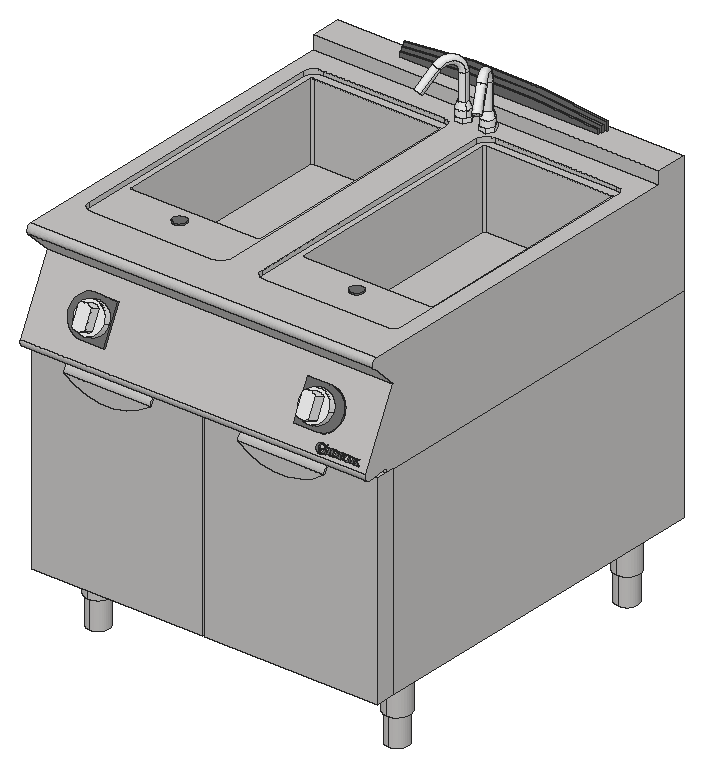
Revit family "QF_GIORIK_CPE946", category Specialty Equipment, Revit 2014
Parameters (values of type "CPE946")
  Weight in Pounds = 220.462
  Watts = 18000 W
  Waste Water Discharge Temperature [instance] = 0 °C
  Volts = 400 V
  URL Cutsheet = "www.giorik.com"
  URL = "www.giorik.com"
  Status [instance] = ""
  Specification by User [instance] = ""
  Specification by Manufacturer = ""
  Show Logo [instance] = yes
  Show Clearance [instance] = yes
  Serial Number = ""
  Seismic Rating = ""
  SMACNA No = ""
  Revision Code [instance] = ""
  Plumbing Remarks [instance] = ""
  Plumbing Connection Type [instance] = ""
  Phase = 3
  Number of Poles [instance] = 3
  NAFEM Spec ID Number = ""
  Model = "CPE946"
  Min Ckt Ampacity = 0 A
  Max Overcurrent Protection = 0 A
  Masterspec = ""
  Manufacturer = "GIORIK"
  Item Number [instance] = ""
  Installed By [instance] = ""
  Indirect Waste Size = 1"
  Indirect Waste Flow = 0.0 L/s
  Indirect Waste Connection Type [instance] = ""
  Indirect Waste Connection Height [instance] = 150 mm
  Identify Quantity as Lot [instance] = no
  HP = "24.138360000000"
  Furnished By [instance] = ""
  Foodservice Equipment Identifier [instance] = yes
  FL Amps = 0 A
  Electrical Remarks [instance] = ""
  Electric Connection Type [instance] = ""
  Elec Conn RI Height [instance] = 0 mm
  Elec Conn Connection Height [instance] = 150 mm
  Description = "40+40 LITRE TWIN TANK ELECTRIC PASTA COOKER."
  Cycle = 50 Hz
  Conn Plug = ""
  Conn Conduit [instance] = no
  Cold Water Temperature Recommended = 0 °C
  Cold Water Size = 1/2"
  Cold Water RI Height [instance] = 150 mm
  Cold Water Minimum Pressure = 20000.0 Pa
  Cold Water Maximum Pressure = 50000.0 Pa
  Cold Water Flow [instance] = 0.0 L/s
  Cold Water Consumption [instance] = ""
  Cold Water Connection Height [instance] = 150 mm
  CSI MasterFormat = ""
  Assembly Code = "E1090320"
  Apparent Power = 18000 VA
Reference planes
  plane 1 "Back": y = 0
  plane 2: z = 0
  plane 3 "Left": x = 0
  plane 4 "Right": x = 800
  plane 5 "Front": y = -920
  plane 6 "Top": z = 900
Forms (mm)
  Extrusion 1, solid, visible <- "Show Logo"
    sketch origin (586.604, -935.76, 608.978) x (-1, 0, 0) y (0, 0.452718, 0.891654)
      loop
        line (-118.824, 58.358) -> (-127.804, 58.358) -> (-125.523, 56.445) -> (-125.523, 48.027) -> (-127.804, 46.113) -> (-118.824, 46.113) -> (-121.105, 48.027) -> (-121.105, 56.445) -> (-118.824, 58.358)
      loop
        line (-163.721, 58.358) -> (-172.7, 58.358) -> (-170.42, 56.445) -> (-170.42, 48.027) -> (-172.7, 46.113) -> (-163.721, 46.113) -> (-166.001, 48.027) -> (-166.001, 56.445) -> (-163.721, 58.358)
      loop
        line (-174.332, 58.358) -> (-183.312, 58.358) -> (-181.031, 56.445) -> (-181.031, 52.435) -> (-186.419, 56.955) -> (-184.416, 58.358) -> (-191.268, 58.358) -> (-188.01, 56.839) -> (-185.455, 54.283) -> (-190.846, 47.858) -> (-193.396, 46.93) -> (-193.396, 46.113) -> (-184.416, 46.113) -> (-185.437, 47.571) -> (-182.443, 51.552) -> (-181.031, 50.894) -> (-181.031, 48.027) -> (-183.312, 46.113) -> (-174.332, 46.113) -> (-176.613, 48.027) -> (-176.613, 56.445) -> (-174.332, 58.358)
      loop
        line (-115.429, 62.063) -> (-115.429, 54.198)
        arc (-115.429, 54.198) -> (-111.618, 57.803) -> (-106.847, 59.986) r 16.039
        arc (-106.847, 59.986) -> (-103.314, 59.837) -> (-100.512, 57.68) r 5.851
        arc (-100.512, 57.68) -> (-98.815, 52.267) -> (-100.512, 46.853) r 9.479
        arc (-100.512, 46.853) -> (-102.406, 44.986) -> (-104.846, 43.93) r 7.236
        arc (-104.846, 43.93) -> (-107.728, 44.111) -> (-110.052, 45.825) r 5.11
        line (-110.052, 45.825) -> (-110.052, 52.001) -> (-116.141, 52.001) -> (-116.141, 45.503) -> (-117.893, 43.751) -> (-114.094, 44.769)
        arc (-114.094, 44.769) -> (-112.56, 44.947) -> (-111.129, 44.366) r 3.115
        arc (-111.129, 44.366) -> (-104.216, 42.091) -> (-97.303, 44.366) r 11.641
        arc (-97.303, 44.366) -> (-93.396, 52.107) -> (-97.303, 59.849) r 9.622
        arc (-97.303, 59.849) -> (-104.369, 62.174) -> (-111.435, 59.849) r 11.898
        line (-111.435, 59.849) -> (-115.429, 62.063)
      loop
        arc (-129.234, 56.068) -> (-135.893, 58.628) -> (-142.552, 56.068) r 9.941
        arc (-142.552, 56.068) -> (-144.234, 52.286) -> (-142.552, 48.505) r 5.093
        arc (-142.552, 48.505) -> (-135.893, 45.945) -> (-129.234, 48.505) r 9.941
        arc (-129.234, 48.505) -> (-127.552, 52.286) -> (-129.234, 56.068) r 5.093
      loop
        arc (-132.628, 54.403) -> (-135.893, 57.668) -> (-139.158, 54.403) r 3.265
        line (-139.158, 54.403) -> (-139.158, 50.169)
        arc (-139.158, 50.169) -> (-135.893, 46.904) -> (-132.628, 50.169) r 3.265
        line (-132.628, 50.169) -> (-132.628, 54.403)
      loop
        arc (-156.363, 58.365) -> (-159.647, 55.081) -> (-156.363, 51.796) r 3.285
        line (-156.363, 51.796) -> (-159.529, 47.306) -> (-162.087, 46.113) -> (-155.847, 46.113) -> (-153.529, 51.083) -> (-150.637, 51.083) -> (-150.637, 47.784) -> (-153.022, 46.113) -> (-144.011, 46.113) -> (-146.094, 47.68) -> (-146.094, 56.493) -> (-144.229, 58.365) -> (-156.363, 58.365)
      loop
        line (-150.637, 57.512) -> (-153.637, 57.512)
        arc (-153.637, 57.512) -> (-156.237, 54.912) -> (-153.637, 52.312) r 2.6
        line (-153.637, 52.312) -> (-150.637, 52.312) -> (-150.637, 57.512)
      loop
        line (-108.924, 52.001) -> (-104.936, 49.005) -> (-100.948, 52.001) -> (-108.924, 52.001)
    from 1.5 to -0.5
  Extrusion 2, solid
    sketch origin (-16, 1025.81, 0) x (1, 0, 0) y (0, 1, 0)
      loop
        line (25, -1086.81) -> (25, -1156.81) -> (115, -1156.81) -> (115, -1086.81) -> (25, -1086.81)
    from 148 to 150
  Extrusion 3, solid
    sketch origin (35, -65, 130) x (1, 0, 0) y (0, 1, 0)
      loop
        circle (54, -385) r 12.5
    from 0 to 20
  Extrusion 4, solid
    sketch origin (0, 800, -20) x (0, 1, 0) y (0, 0, 1)
      loop
        line (-800, 919.988) -> (-870, 919.988) -> (-870, 889.988) -> (-1688.669, 889.988)
        arc (-1688.669, 889.988) -> (-1699.014, 883.075) -> (-1696.586, 870.873) r 11.197
        line (-1696.586, 870.873) -> (-1640.738, 815.025) -> (-1718.81, 661.258)
        arc (-1718.81, 661.258) -> (-1718.095, 650.105) -> (-1707.98, 645.354) r 10.981
        line (-1707.98, 645.354) -> (-1659.862, 649.925) -> (-1659.862, 640) -> (-800, 640) -> (-800, 919.988)
    from 0 to 800
  Extrusion 5, solid
    sketch origin (0, -200, 599.536) x (1, 0, 0) y (0, 1, 0)
      loop
        line (0, -640) -> (40, -640) -> (40, 160) -> (760, 160) -> (760, -640) -> (800, -640) -> (800, 200) -> (0, 200) -> (0, -640)
    from -449.536 to 20.464
  Extrusion 6, solid
    sketch origin (0, -200, 0) x (1, 0, 0) y (0, 1, 0)
      loop
        line (40, 160) -> (40, -640) -> (760, -640) -> (760, 160) -> (40, 160)
    from 150 to 190
  Extrusion 7, solid
    sketch origin (-16, 360.81, 0) x (1, 0, 0) y (0, 1, 0)
      loop
        line (25, -1086.81) -> (25, -1156.81) -> (115, -1156.81) -> (115, -1086.81) -> (25, -1086.81)
    from 148 to 150
  Revolve 8, solid
    sketch origin (54, 360.81, 0) x (0, 1, 0) y (0, 0, 1)
      loop
        line (-1092.56, 66) -> (-1092.56, 148) -> (-1121.81, 148) -> (-1121.81, 0) -> (-1096.81, 0) -> (-1096.81, 66) -> (-1092.56, 66)
      axis (-1121.81, 0) -> (-1121.81, 148)
    angle from 0 to 360
  Revolve 9, solid
    sketch origin (54, 1025.81, 0) x (0, 1, 0) y (0, 0, 1)
      loop
        line (-1092.56, 66) -> (-1092.56, 148) -> (-1121.81, 148) -> (-1121.81, 0) -> (-1096.81, 0) -> (-1096.81, 66) -> (-1092.56, 66)
      axis (-1121.81, 0) -> (-1121.81, 148)
    angle from 0 to 360
  Extrusion 10, solid
    sketch origin (816, 360.81, 0) x (-1, 0, 0) y (0, -1, 0)
      loop
        line (25, 1086.81) -> (115, 1086.81) -> (115, 1156.81) -> (25, 1156.81) -> (25, 1086.81)
    from 148 to 150
  Revolve 11, solid
    sketch origin (746, 360.81, 0) x (0, 1, 0) y (0, 0, -1)
      loop
        line (-1092.56, -66) -> (-1096.81, -66) -> (-1096.81, 0) -> (-1121.81, 0) -> (-1121.81, -148) -> (-1092.56, -148) -> (-1092.56, -66)
      axis (-1121.81, 0) -> (-1121.81, -148)
    angle from 0 to 360
  Extrusion 12, solid
    sketch origin (816, -1217.81, 0) x (-1, 0, 0) y (0, -1, 0)
      loop
        line (25, -1086.81) -> (25, -1156.81) -> (115, -1156.81) -> (115, -1086.81) -> (25, -1086.81)
    from 148 to 150
  Revolve 13, solid
    sketch origin (746, -1217.81, 0) x (0, -1, 0) y (0, 0, 1)
      loop
        line (-1092.56, 66) -> (-1092.56, 148) -> (-1121.81, 148) -> (-1121.81, 0) -> (-1096.81, 0) -> (-1096.81, 66) -> (-1092.56, 66)
      axis (-1121.81, 0) -> (-1121.81, 148)
    angle from 0 to 360
  Extrusion 14, solid
    sketch origin (-283.221, -1163.345, 52.363) x (1, 0, 0) y (0, 0.452718, 0.891654)
      loop
        line (463.221, 676.25) -> (463.221, 766.25) -> (409.698, 766.25)
        arc (409.698, 766.25) -> (364.698, 721.25) -> (409.698, 676.25) r 45
        line (409.698, 676.25) -> (463.221, 676.25)
    from 48 to 50
  Extrusion 15, solid
    sketch origin (491.331, -1208.697, 74.959) x (-1, 0, 0) y (0, -0.45351, -0.891251)
      loop
        circle (351.331, -721.346) r 35
    from 0 to 15
  Extrusion 16, solid
    sketch origin (491.331, -1208.697, 74.959) x (-1, 0, 0) y (0, -0.45351, -0.891251)
      loop
        arc (336.331, -743.846) -> (351.331, -748.846) -> (366.331, -743.846) r 25
        line (366.331, -743.846) -> (366.331, -698.846)
        arc (366.331, -698.846) -> (351.331, -693.846) -> (336.331, -698.846) r 25
        line (336.331, -698.846) -> (336.331, -743.846)
    from 15 to 40
  Extrusion 17, void
    sketch origin (0, -200, 819.988) x (0, 1, 0) y (-1, 0, 0)
      loop
        arc (80, -60) -> (72.678, -42.322) -> (55, -35) r 25
        line (55, -35) -> (-565.002, -35)
        arc (-565.002, -35) -> (-582.68, -42.322) -> (-590.002, -60) r 25
        line (-590.002, -60) -> (-590.002, -340)
        arc (-590.002, -340) -> (-582.68, -357.678) -> (-565.002, -365) r 25
        line (-565.002, -365) -> (55, -365)
        arc (55, -365) -> (72.678, -357.678) -> (80, -340) r 25
        line (80, -340) -> (80, -60)
    from -137.243 to 50
  Extrusion 18, solid
    sketch origin (-224, -316, 100) x (0, 1, 0) y (-1, 0, 0)
      loop
        circle (-54, -313) r 6.35
    from 30 to 50
  Extrusion 19, solid
    sketch origin (136, -286, 100) x (0, 1, 0) y (-1, 0, 0)
      loop
        circle (-129, -162) r 12.7
    from 30 to 50
  Extrusion 20, solid
    sketch origin (0, -200, 809.988) x (0, 1, 0) y (-1, 0, 0)
      loop
        line (60, -345) -> (60, -55)
        arc (60, -55) -> (58.536, -51.464) -> (55, -50) r 5
        line (55, -50) -> (-460.364, -50)
        arc (-460.364, -50) -> (-463.899, -51.464) -> (-465.364, -55) r 5
        line (-465.364, -55) -> (-465.364, -345)
        arc (-465.364, -345) -> (-463.899, -348.536) -> (-460.364, -350) r 5
        line (-460.364, -350) -> (55, -350)
        arc (55, -350) -> (58.536, -348.536) -> (60, -345) r 5
      loop
        arc (73.67, -368.87) -> (80.741, -365.941) -> (83.67, -358.87) r 10
        line (83.67, -358.87) -> (83.67, -40.28)
        arc (83.67, -40.28) -> (80.741, -33.209) -> (73.67, -30.28) r 10
        line (73.67, -30.28) -> (-586, -30.28)
        arc (-586, -30.28) -> (-593.071, -33.209) -> (-596, -40.28) r 10
        line (-596, -40.28) -> (-596, -358.87)
        arc (-596, -358.87) -> (-593.071, -365.941) -> (-586, -368.87) r 10
        line (-586, -368.87) -> (73.67, -368.87)
    from -136.122 to 50
  Extrusion 21, solid
    sketch origin (-4.529, -225.827, 861.988) x (0, 1, 0) y (-1, 0, 0)
      loop
        circle (-476.382, -199.529) r 15
    from -2 to 0
  Extrusion 22, solid
    sketch origin (1083.221, -1163.345, 52.363) x (-1, 0, 0) y (0, -0.452718, -0.891654)
      loop
        line (463.221, -676.25) -> (409.698, -676.25)
        arc (409.698, -676.25) -> (364.698, -721.25) -> (409.698, -766.25) r 45
        line (409.698, -766.25) -> (463.221, -766.25) -> (463.221, -676.25)
    from 48 to 50
  Extrusion 23, solid
    sketch origin (308.669, -1208.697, 74.959) x (1, 0, 0) y (0, 0.45351, 0.891251)
      loop
        circle (351.331, 721.346) r 35
    from 0 to 15
  Extrusion 24, solid
    sketch origin (308.669, -1208.697, 74.959) x (1, 0, 0) y (0, 0.45351, 0.891251)
      loop
        line (336.331, 743.846) -> (336.331, 698.846)
        arc (336.331, 698.846) -> (351.331, 693.846) -> (366.331, 698.846) r 25
        line (366.331, 698.846) -> (366.331, 743.846)
        arc (366.331, 743.846) -> (351.331, 748.846) -> (336.331, 743.846) r 25
    from 15 to 40
  Extrusion 25, solid
    sketch origin (800, -200, 809.988) x (0, 1, 0) y (-1, 0, 0)
      loop
        arc (60, 345) -> (58.536, 348.536) -> (55, 350) r 5
        line (55, 350) -> (-460.364, 350)
        arc (-460.364, 350) -> (-463.899, 348.536) -> (-465.364, 345) r 5
        line (-465.364, 345) -> (-465.364, 55)
        arc (-465.364, 55) -> (-463.899, 51.464) -> (-460.364, 50) r 5
        line (-460.364, 50) -> (55, 50)
        arc (55, 50) -> (58.536, 51.464) -> (60, 55) r 5
        line (60, 55) -> (60, 345)
      loop
        line (73.67, 368.87) -> (-586, 368.87)
        arc (-586, 368.87) -> (-593.071, 365.941) -> (-596, 358.87) r 10
        line (-596, 358.87) -> (-596, 40.28)
        arc (-596, 40.28) -> (-593.071, 33.209) -> (-586, 30.28) r 10
        line (-586, 30.28) -> (73.67, 30.28)
        arc (73.67, 30.28) -> (80.741, 33.209) -> (83.67, 40.28) r 10
        line (83.67, 40.28) -> (83.67, 358.87)
        arc (83.67, 358.87) -> (80.741, 365.941) -> (73.67, 368.87) r 10
    from -136.122 to 50
  Extrusion 26, solid
    sketch origin (804.529, -225.827, 861.988) x (0, 1, 0) y (-1, 0, 0)
      loop
        circle (-476.382, 199.529) r 15
    from -2 to 0
  Extrusion 27, solid
    sketch origin (36.031, 0, -10.001) x (1, 0, 0) y (0, 0, 1)
      loop
        line (135, 909.989) -> (592.969, 909.989) -> (592.969, 919.989) -> (440.969, 929.989) -> (287, 929.989) -> (135, 919.989) -> (135, 909.989)
    from 32 to 35
  Extrusion 28, solid
    sketch origin (38, 10, -10.001) x (1, 0, 0) y (0, 0, 1)
      loop
        line (594, 909.989) -> (594, 924.989) -> (440, 937.489) -> (284, 937.489) -> (130, 925.001) -> (130, 909.989) -> (594, 909.989)
    from 32 to 35
  Extrusion 29, solid
    sketch origin (40, 20, -10.001) x (1, 0, 0) y (0, 0, 1)
      loop
        line (595, 909.989) -> (595, 930.001) -> (439, 945.258) -> (281, 945.258) -> (125, 929.989) -> (125, 909.989) -> (595, 909.989)
    from 32 to 35
  Extrusion 30, solid
    sketch origin (0, -925, 0) x (1, 0, 0) y (0, 0, 1)
      loop
        line (0, 620) -> (0, 150) -> (395, 150) -> (395, 620) -> (0, 620)
      loop
        line (400, 150) -> (800, 150) -> (800, 620) -> (400, 620) -> (400, 150)
    from -85 to -40
  Extrusion 31, solid
    sketch origin (0, -925, -20.1) x (0, 1, 0) y (0, 0, 1)
      loop
        arc (25, 640.1) -> (14.393, 635.707) -> (10, 625.1) r 15
        line (10, 625.1) -> (12, 625.1)
        arc (12, 625.1) -> (15.808, 634.292) -> (25, 638.1) r 13
        line (25, 638.1) -> (40, 638.1) -> (40, 640.1) -> (25, 640.1)
    from 97.5 to 297.5
  Extrusion 32, solid
    sketch origin (0, -924.905, -20.1) x (1, 0, 0) y (0, 0, 1)
      loop
        arc (97.5, 625.1) -> (197.5, 590.089) -> (297.5, 625.1) r 160.316
        line (297.5, 625.1) -> (97.5, 625.1)
    from -11.905 to -9.905
  Extrusion 33, solid
    sketch origin (402.5, -925, -20.1) x (0, 1, 0) y (0, 0, 1)
      loop
        arc (25, 640.1) -> (14.393, 635.707) -> (10, 625.1) r 15
        line (10, 625.1) -> (12, 625.1)
        arc (12, 625.1) -> (15.808, 634.292) -> (25, 638.1) r 13
        line (25, 638.1) -> (40, 638.1) -> (40, 640.1) -> (25, 640.1)
    from 97.5 to 297.5
  Extrusion 34, solid
    sketch origin (402.5, -924.905, -20.1) x (1, 0, 0) y (0, 0, 1)
      loop
        arc (97.5, 625.1) -> (197.5, 590.089) -> (297.5, 625.1) r 160.316
        line (297.5, 625.1) -> (97.5, 625.1)
    from -11.905 to -9.905
  Extrusion 35, solid, visible <- "Show Clearance", detail levels coarse
    sketch origin (0, -925, 0) x (1, 0, 0) y (0, 1, 0)
      loop
        line (0, 40) -> (0, -355)
        arc (0, -355) -> (279.307, -239.307) -> (395, 40) r 395
        line (395, 40) -> (0, 40)
      loop
        line (800, 40) -> (399.495, 40)
        arc (399.495, 40) -> (517.141, -241.247) -> (800, -354.962) r 395
        line (800, -354.962) -> (800, 40)
    from 150 to 620
  Extrusion 36, void
    sketch origin (400, -200, 819.988) x (0, 1, 0) y (-1, 0, 0)
      loop
        arc (80, -60) -> (72.678, -42.322) -> (55, -35) r 25
        line (55, -35) -> (-565.002, -35)
        arc (-565.002, -35) -> (-582.68, -42.322) -> (-590.002, -60) r 25
        line (-590.002, -60) -> (-590.002, -340)
        arc (-590.002, -340) -> (-582.68, -357.678) -> (-565.002, -365) r 25
        line (-565.002, -365) -> (55, -365)
        arc (55, -365) -> (72.678, -357.678) -> (80, -340) r 25
        line (80, -340) -> (80, -60)
    from -137.243 to 50
  Extrusion 37, solid
    sketch origin (536, -286, 100) x (0, 1, 0) y (-1, 0, 0)
      loop
        circle (-129, -162) r 12.7
    from 30 to 50
  Revolve 38, solid
    sketch origin (-198.943, 176.912, -15.012) x (0.898794, -0.438371, 0) y (0, 0, 1)
      loop
        line (635, 895) -> (650, 895) -> (650, 910) -> (645, 925) -> (635, 925) -> (635, 895)
      axis (635, 925) -> (635, 895)
    angle from 0 to 360
  Sweep 39, solid
    path origin (475.686, 111.56, -15.012) x (0.438371, 0.898794, 0) y (0, 0, 1)
      loop
        line (-237, 925) -> (-237, 986.382)
        arc (-237, 986.382) -> (-256.494, 1014.482) -> (-289.641, 1006.064) r 30
        line (-289.641, 1006.064) -> (-326.852, 963.258)
    profile origin (371.792, -101.454, 940.679) x (-0.438371, -0.898794, 0) y (0.898794, -0.438371, 0)
      loop
        circle (0, 0) r 9
  Extrusion 40, solid
    sketch origin (-678.408, 1017.72, 884.988) x (-0.779686, 0.626171, 0) y (-0.626171, -0.779686, 0)
      loop
        line (-1502.427, 209.668) -> (-1506.406, 227.223) -> (-1523.598, 232.555) -> (-1536.811, 220.332) -> (-1532.833, 202.777) -> (-1515.641, 197.445) -> (-1502.427, 209.668)
    from -15 to -5
  Revolve 41, solid
    sketch origin (998.943, 176.912, -15.012) x (-0.898794, -0.438371, 0) y (0, 0, -1)
      loop
        line (635, -895) -> (635, -925) -> (645, -925) -> (650, -910) -> (650, -895) -> (635, -895)
      axis (635, -925) -> (635, -895)
    angle from 0 to 360
  Sweep 42, solid
    path origin (324.314, 111.56, -15.012) x (-0.438371, 0.898794, 0) y (0, 0, -1)
      loop
        line (-237, -925) -> (-237, -986.382)
        arc (-237, -986.382) -> (-256.494, -1014.482) -> (-289.641, -1006.064) r 30
        line (-289.641, -1006.064) -> (-326.852, -963.258)
    profile origin (428.208, -101.454, 940.679) x (-0.438371, 0.898794, 0) y (-0.898794, -0.438371, 0)
      loop
        circle (0, 0) r 9
  Extrusion 43, solid
    sketch origin (1478.408, 1017.72, 884.988) x (0.779686, 0.626171, 0) y (-0.626171, 0.779686, 0)
      loop
        line (-1502.427, -209.668) -> (-1515.641, -197.445) -> (-1532.833, -202.777) -> (-1536.811, -220.332) -> (-1523.598, -232.555) -> (-1506.406, -227.223) -> (-1502.427, -209.668)
    from -15 to -5
Cuts and joins
  Extrusion 17, Extrusion 36 cuts Extrusion 4
  Extrusion 36 cuts Extrusion 20
  Extrusion 36 cuts Extrusion 21
Lines and regions (mm)
  symbolic lines, style "200-EquipBorder-2D"
    curve 1: line (0, -920, 0) -> (800, -920, 0)
    curve 2: line (800, -920, 0) -> (800, 0, 0)
    curve 3: line (800, 0, 0) -> (0, 0, 0)
    curve 4: line (0, 0, 0) -> (0, -920, 0)
    curve 82: line (125, -927.413, 900) -> (125, -920, 900)
    curve 83: line (155, -927.413, 900) -> (155, -920, 900)
    curve 84: line (645, -927.413, 900) -> (645, -920, 900)
    curve 85: line (675, -927.413, 900) -> (675, -920, 900)
    curve 86: arc (675, -927.413, 900) -> (660, -929.721, 900) -> (645, -927.413, 900) r 49.912
    curve 87: arc (125, -927.413, 900) -> (140, -929.661, 900) -> (155, -927.413, 900) r 51.179
  symbolic lines, style "200-EquipInternal-2D"
    curve 5: line (0, -70, 900) -> (800, -70, 900)
    curve 6: line (340, -120, 900) -> (60, -120, 900)
    curve 7: arc (60, -120, 900) -> (42.322, -127.322, 900) -> (35, -145, 900) r 25
    curve 8: line (35, -145, 900) -> (35, -765, 900)
    curve 9: arc (351.393, -122.747, 900) -> (345.86, -120.696, 900) -> (340, -120, 900) r 25
    curve 10: arc (340, -790, 900) -> (357.678, -782.678, 900) -> (365, -765, 900) r 25
    curve 11: line (60, -790, 900) -> (340, -790, 900)
    curve 12: arc (35, -765, 900) -> (42.322, -782.678, 900) -> (60, -790, 900) r 25
    curve 13: line (55, -140, 900) -> (342.978, -140, 900)
    curve 14: line (345, -665.364, 900) -> (55, -665.364, 900)
    curve 15: arc (55, -140, 900) -> (51.464, -141.464, 900) -> (50, -145, 900) r 5
    curve 16: arc (350, -660.364, 900) -> (348.536, -663.899, 900) -> (345, -665.364, 900) r 5
    curve 17: circle (195, -702.209, 900) r 15 normal (0, 0, 1)
    curve 18: line (50, -660.364, 900) -> (50, -145, 900)
    curve 19: line (350, -166.664, 900) -> (350, -660.364, 900)
    curve 20: line (460, -120, 900) -> (740, -120, 900)
    curve 21: arc (740, -120, 900) -> (757.678, -127.322, 900) -> (765, -145, 900) r 25
    curve 22: line (765, -145, 900) -> (765, -765, 900)
    curve 23: line (435, -765, 900) -> (435, -145, 900)
    curve 24: arc (460, -790, 900) -> (442.322, -782.678, 900) -> (435, -765, 900) r 25
    curve 25: line (740, -790, 900) -> (460, -790, 900)
    curve 26: arc (765, -765, 900) -> (757.678, -782.678, 900) -> (740, -790, 900) r 25
    curve 27: line (745, -140, 900) -> (457.022, -140, 900)
    curve 28: line (455, -665.364, 900) -> (745, -665.364, 900)
    curve 29: arc (745, -140, 900) -> (748.536, -141.464, 900) -> (750, -145, 900) r 5
    curve 30: arc (450, -660.364, 900) -> (451.464, -663.899, 900) -> (455, -665.364, 900) r 5
    curve 31: circle (605, -702.209, 900) r 15 normal (0, 0, -1)
    curve 32: line (750, -660.364, 900) -> (750, -145, 900)
    curve 33: line (165, -15, 900) -> (635, -15, 900)
    curve 34: line (171.031, -35, 900) -> (629, -35, 900)
    curve 35: line (629, -32, 900) -> (171.031, -32, 900)
    curve 36: line (168, -25, 900) -> (632, -25, 900)
    curve 37: line (171.031, -32, 900) -> (171.031, -35, 900)
    curve 38: line (168, -22, 900) -> (168, -25, 900)
    curve 39: line (165, -12, 900) -> (165, -15, 900)
    curve 40: line (635, -12, 900) -> (165, -12, 900)
    curve 41: line (632, -22, 900) -> (168, -22, 900)
    curve 42: line (635, -15, 900) -> (635, -12, 900)
    curve 43: line (632, -25, 900) -> (632, -22, 900)
    curve 44: line (629, -35, 900) -> (629, -32, 900)
    curve 47: line (365, -765.002, 900) -> (365, -145, 900)
    curve 48: arc (363.993, -137.975, 900) -> (364.747, -141.451, 900) -> (365, -145, 900) r 25
    curve 49: arc (448.607, -122.747, 900) -> (454.14, -120.696, 900) -> (460, -120, 900) r 25
    curve 50: arc (436.007, -137.975, 900) -> (435.253, -141.451, 900) -> (435, -145, 900) r 25
    curve 51: line (450, -660.364, 900) -> (450, -166.664, 900)
    curve 52: line (381.857, -116.377, 900) -> (389.748, -100.198, 900)
    curve 53: line (379.682, -85.276, 900) -> (361.726, -86.531, 900)
    curve 54: line (389.748, -100.198, 900) -> (379.682, -85.276, 900)
    curve 55: line (361.726, -86.531, 900) -> (353.835, -102.709, 900)
    curve 56: line (353.835, -102.709, 900) -> (358.09, -109.017, 900)
    curve 57: arc (363.702, -97.509, 900) -> (375.737, -93.365, 900) -> (379.881, -105.399, 900) r 9
    curve 58: line (379.881, -105.399, 900) -> (340.492, -186.157, 900)
    curve 59: line (324.314, -178.267, 900) -> (363.702, -97.509, 900)
    curve 60: line (374.268, -116.907, 900) -> (381.857, -116.377, 900)
    curve 61: spline (340.492, -186.157, 900) -> (339.444, -187.607, 900) -> (337.916, -188.688, 900) -> (336.013, -189.328, 900) -> (333.863, -189.484, 900) -> (331.614, -189.143, 900) -> (329.419, -188.331, 900) -> (327.427, -187.101, 900) -> (325.774, -185.538, 900) -> (324.573, -183.749, 900) -> (323.906, -181.855, 900) -> (323.817, -179.985, 900) -> (324.314, -178.267, 900)
    curve 62: line (410.252, -100.198, 900) -> (418.143, -116.377, 900)
    curve 63: line (420.318, -85.276, 900) -> (410.252, -100.198, 900)
    curve 64: line (438.274, -86.531, 900) -> (420.318, -85.276, 900)
    curve 65: line (446.165, -102.709, 900) -> (438.274, -86.531, 900)
    curve 66: line (441.91, -109.017, 900) -> (446.165, -102.709, 900)
    curve 67: arc (420.119, -105.399, 900) -> (424.263, -93.365, 900) -> (436.298, -97.509, 900) r 9
    curve 68: line (420.119, -105.399, 900) -> (459.508, -186.157, 900)
    curve 69: line (475.686, -178.267, 900) -> (436.298, -97.509, 900)
    curve 70: line (418.143, -116.377, 900) -> (425.732, -116.907, 900)
    curve 71: spline (459.508, -186.157, 900) -> (460.553, -187.601, 900) -> (462.078, -188.678, 900) -> (463.98, -189.313, 900) -> (466.128, -189.465, 900) -> (468.376, -189.123, 900) -> (470.571, -188.31, 900) -> (472.563, -187.081, 900) -> (474.217, -185.52, 900) -> (475.42, -183.734, 900) -> (476.089, -181.844, 900) -> (476.18, -179.979, 900) -> (475.686, -178.267, 900)
    curve 74: arc (50, -660.364, 900) -> (51.464, -663.899, 900) -> (55, -665.364, 900) r 5
    curve 75: arc (745, -665.364, 900) -> (748.536, -663.899, 900) -> (750, -660.364, 900) r 5
    curve 76: arc (385.273, -108.029, 900) -> (378.367, -87.972, 900) -> (358.31, -94.878, 900) r 15
    curve 77: arc (358.31, -94.878, 900) -> (356.792, -101.602, 900) -> (358.442, -108.294, 900) r 15
    curve 78: arc (441.69, -94.878, 900) -> (443.208, -101.602, 900) -> (441.558, -108.294, 900) r 15
    curve 79: arc (414.727, -108.029, 900) -> (421.633, -87.972, 900) -> (441.69, -94.878, 900) r 15
    curve 80: arc (374.62, -116.185, 900) -> (380.909, -113.365, 900) -> (385.273, -108.029, 900) r 15
    curve 81: arc (425.38, -116.185, 900) -> (419.091, -113.365, 900) -> (414.727, -108.029, 900) r 15
  symbolic lines, style "QF_Door-Drawer Clearances", visible <- "Show Clearance", detail levels coarse
    curve 45: line (800, -1280, 0) -> (800, -920, 0)
    curve 46: line (0, -920, 0) -> (0, -1280, 0)
    curve 72: arc (0, -1280, 900) -> (266.646, -1176.419, 900) -> (393.446, -920, 900) r 395
    curve 73: arc (401.048, -920, 900) -> (529.886, -1178.27, 900) -> (800, -1279.962, 900) r 395
Dimensions and locks
  plane 3 "Left" to plane 4 "Right" = 800 mm
  plane 5 "Front" to plane 1 "Back" = 920 mm
  plane 4 "Right" to plane 3 "Left" = 800 mm
  plane 1 "Back" to plane 5 "Front" = 920 mm
  plane 6 "Top" to level = 900 mm  (x2)
  aligned and locked: level to plane 2
Connectors
  piping at (89, -370, 130), diameter 12.7, driven by "Cold Water Size", driven by "Cold Water Flow"
    settings: on Extrusion 18, index 2, connector inside diameter 24", connector length 0 mm, flow factor 0, pipe flow 0.0 L/s, pressure drop 0.0 Pa, fitting loss kfactor 0, connector angle 0.00°, fixture units 0, engagement length 0 mm, angle of deflection 0.00°, flow configuration 1, flow direction 1, fitting loss method 0, system type 20, joint type 0, gender type 0, connector reference index -1, connector utility 0, adjustable connector no, is connector primary yes, connector description "Water inlet"
  piping at (298, -415, 130), diameter 25.4, driven by "Indirect Waste Size", driven by "Indirect Waste Flow"
    settings: on Extrusion 19, index 3, connector inside diameter 24", connector length 0 mm, flow factor 0, pipe flow 0.0 L/s, pressure drop 0.0 Pa, fitting loss kfactor 0, connector angle 0.00°, fixture units 0, engagement length 0 mm, angle of deflection 0.00°, flow configuration 1, flow direction 2, fitting loss method 0, system type 16, joint type 0, gender type 0, connector reference index -1, connector utility 0, adjustable connector no, is connector primary no, connector description "Water drain"
  piping at (698, -415, 130), diameter 25.4, driven by "Indirect Waste Size", driven by "Indirect Waste Flow"
    settings: on Extrusion 37, index 5, connector inside diameter 24", connector length 0 mm, flow factor 0, pipe flow 0.0 L/s, pressure drop 0.0 Pa, fitting loss kfactor 0, connector angle 0.00°, fixture units 0, engagement length 0 mm, angle of deflection 0.00°, flow configuration 1, flow direction 2, fitting loss method 0, system type 16, joint type 0, gender type 0, connector reference index -1, connector utility 0, adjustable connector no, is connector primary no, connector description "Water drain"
  electrical at (89, -450, 130), driven by "Apparent Power", driven by "Volts", driven by "Number of Poles"
    settings: on Extrusion 3, index 6, voltage 400 V, apparent load 0 VA, apparent load phase1 18000 VA, apparent load phase2 0 VA, apparent load phase3 0 VA, power factor 1, load classification "Other", number of poles 3, system type 31, power factor state 1, is connector primary yes, connector utility no, sub classification motor no, connector description "Electrical connection"
